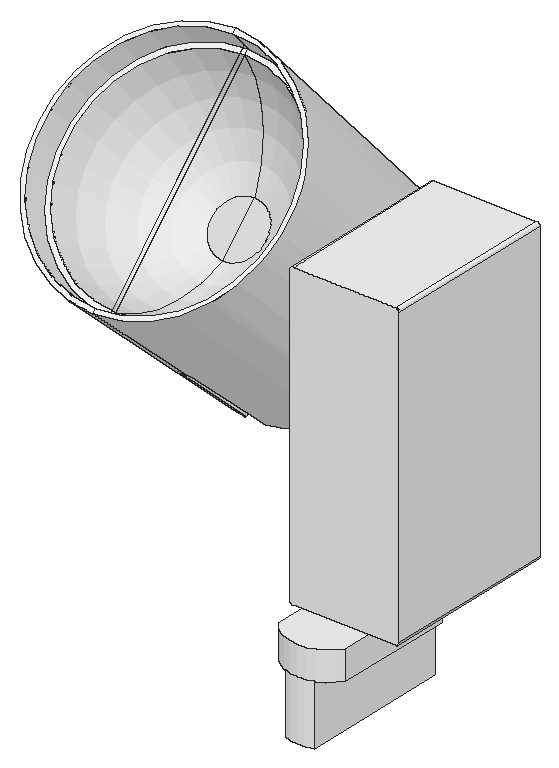
Revit family "0004820 Feilo Sylvania Lighting Fixture START TRACK SPOT L 55W 3K RA80 NB WHITE", category Lighting Fixtures, host Face, Revit 2017 (continued)
Definition of nested family "Start Track Spot Head"
  Types (96, lengths in mm): name | Wattage | built-in parameter 1150134 | Photometric Web File | Model | built-in parameter 1150105 | Lumens | built-in parameter 1150107 | built-in parameter 1150106 | HeadThickness_FEILO | HeadRibOffset_FEILO | HeadRibDepth_FEILO | HeadRibCutWidth_FEILO | HeadRibCutOffset_FEILO | HeadReflectorRadius_FEILO | HeadReflectorOffset_FEILO | HeadLEDRadius_FEILO | HeadHeight_FEILO | HeadDiffusorOffset_FEILO | HeadDiaOut_FEILO | HeadDiaIn_FEILO | HeadAxisFromTop_FEILO | Emit from Circle Diameter | built-in parameter 1150104 | Description | Apparent Load
    0004812 START TRACK SPOT S 14W 3K RA80 MB WHITE | 14 W | (empty or 0) | "0004812.ies" | "START TRACK SPOT S 14W 3K RA80 MB WHITE" | 120.32 (stored number, unit not read) | 1512 lm | 3000 (stored number, unit not read) | 1.2032 (stored number, unit not read) | 1.5 | 4.179 | 55.714 | 7.167 | 50.87 | 50.588 | 55.714 | 9.556 | 117 | 9.435 | 86 | 77.477 | 69.354 | 77.477 | 10.034 (stored number, unit not read) | "Integrated LED spotlight, Textured White - RAL9016, compact and minimalist design, ideal for retail applications, die-cast aluminium body, passive cooling heatsink. Beam angle: 36°, color temperature: 3000K , total system power: 14W, total fixture output: 1508 lm, LOR: 100%, colour rendering: Ra: 80 typical, LED Chromaticity: 3 step MacAdam ellipse, lifetime: >50000 hours at L70B50, energy class: A++, A+, A, IR/UV free light source without heat radiation, operating voltage: 220-240V / 50-60Hz, drive current: 350mA, electronic driver, non-dimmable, power factor: 0.92, electrical protection: Class II, Global Track 3 Phase adapter suitable for Global trac 3-circuit tracks, ingress protection rating: IP20, suitable for internal environment only, horizontal rotation: 355°, vertical tilt: 90°, dimensions: Ø86x140x200, weight: 0.940kg." | 14 VA
    0004811 START TRACK SPOT S 14W 3K RA80 NB WHITE | 14 W | (empty or 0) | "0004811.ies" | "START TRACK SPOT S 14W 3K RA80 NB WHITE" | 123.66 (stored number, unit not read) | 1554 lm | 3000 (stored number, unit not read) | 1.2366 (stored number, unit not read) | 1.5 | 4.179 | 55.714 | 7.167 | 50.87 | 50.588 | 55.714 | 9.556 | 117 | 9.435 | 86 | 77.477 | 69.354 | 77.477 | 10.312 (stored number, unit not read) | "Integrated LED spotlight, Textured White - RAL9016, compact and minimalist design, ideal for retail applications, die-cast aluminium body, passive cooling heatsink. Beam angle: 12°, color temperature: 3000K , total system power: 14W, total fixture output: 1551 lm, LOR: 100%, colour rendering: Ra: 80 typical, LED Chromaticity: 3 step MacAdam ellipse, lifetime: >50000 hours at L70B50, energy class: A++, A+, A, IR/UV free light source without heat radiation, operating voltage: 220-240V / 50-60Hz, drive current: 350mA, electronic driver, non-dimmable, power factor: 0.92, electrical protection: Class II, Global Track 3 Phase adapter suitable for Global trac 3-circuit tracks, ingress protection rating: IP20, suitable for internal environment only, horizontal rotation: 355°, vertical tilt: 90°, dimensions: Ø86x140x200, weight: 0.940kg." | 14 VA
  Reference planes
    plane 1 "Center (Front/Back)": y = 0
    plane 2: z = 0
    plane 3 "Center (Left/Right)": x = 0
    plane 4: x = 43
    plane 5: x = -43
    plane 6: x = -38.739
    plane 7: x = 38.739
    plane 8: z = 69.354
    plane 9: z = -47.646
    plane 10: x = -41.5
    plane 11: x = -37.239
    plane 12: z = -38.211
    plane 13: z = -35.211
    plane 14: z = 8.068
    plane 15: x = -9.556
    plane 16: x = -28.667
    plane 17: x = -19.111
    plane 18: x = -27.167
    plane 19: x = -17.611
    plane 20: x = -8.056
    plane 21: z = 13.64
    plane 22: x = -29.667
    plane 23: x = -26.167
    plane 24: x = -20.111
    plane 25: x = -16.611
    plane 26: x = -10.556
    plane 27: x = -7.056
    plane 28: x = -36.239
    plane 29: x = -40.5
    plane 30: z = 65.175
    plane 31: z = 60.997
    plane 32: z = 56.818
    plane 33: z = 18.484
    plane 34: y = -43
    plane 35: y = 43
    plane 36: y = 3.583
    plane 37: y = -3.583
    plane 38: y = -2.583
    plane 39: y = 2.583
    plane 40: y = 46
    plane 41: z = 13.5
    plane 42: z = -13.5
    plane 43: y = 39
    plane 44: x = 4.708
    plane 45: x = -2.458
    plane 46: x = -1.458
    plane 47: x = 1.458
  Forms (mm)
    Extrusion 1, solid
      sketch origin (4.2, 0, 0) x (1, 0, 0) y (0, 1, 0)
        loop
          line (-1219.2, 1219.2) -> (-1219.2, -1219.2) -> (1219.2, -1219.2) -> (1219.2, 1219.2) -> (-1219.2, 1219.2)
      from 0 to -68.017
    Revolve 2, solid, material <- "Material_1_FEILO", detail levels medium+fine
      sketch origin (0, 0, 0) x (1, 0, 0) y (0, 0, 1)
        loop
          line (-43, -47.646) -> (-41.5, -47.646) -> (-40.5, -35.211) -> (-38.739, -35.211)
          arc (-38.739, -35.211) -> (-30.16, -9.517) -> (-9.556, 8.068) r 50.588
          line (-9.556, 8.068) -> (0, 8.068) -> (0, 13.64) -> (-16.611, 13.64) -> (-17.611, 60.997) -> (-19.111, 60.997) -> (-20.111, 13.64) -> (-36.239, 13.64) -> (-37.239, 69.354) -> (-38.739, 69.354) -> (-43, -47.646)
        axis (0, 69.354) -> (0, -47.646)
      angle from 360 to 0
    Extrusion 3, void
      sketch origin (0, 0, 0) x (0, 1, 0) y (0, 0, 1)
        loop
          line (-3.583, 69.354) -> (-2.583, 18.484) -> (1.932, 18.484) -> (2.932, 69.354) -> (-3.583, 69.354)
      from 43 to -43
    Revolve 4, solid, material <- "Material_2_FEILO", detail levels medium+fine
      sketch origin (0, 0, 0) x (1, 0, 0) y (0, 0, 1)
        loop
          line (-41.5, -38.211) -> (0, -38.211) -> (0, -35.211) -> (-41.5, -35.211) -> (-41.5, -38.211)
        axis (0, -35.211) -> (0, -38.211)
      angle from 360 to 0
    Revolve 5, solid, material <- "Material_1_FEILO"
      sketch origin (0, 0, 0) x (0, 1, 0) y (0, 0, 1)
        loop
          line (46, 0) -> (39, 0) -> (39, -13.5) -> (46, -13.5) -> (46, 0)
        axis (39, 0) -> (46, 0)
      angle from 360 to 0
    Revolve 6, solid, material <- "Material_1_FEILO", detail levels medium+fine
      sketch origin (0, 0, 0) x (1, 0, 0) y (0, 0, 1)
        loop
          line (-29.667, 13.64) -> (-26.167, 13.64) -> (-27.167, 65.175) -> (-28.667, 65.175) -> (-29.667, 13.64)
        loop
          line (-10.556, 13.64) -> (-7.056, 13.64) -> (-7.833, 56.818) -> (-9.778, 56.818) -> (-10.556, 13.64)
        axis (0, 65.175) -> (0, 13.64)
      angle from 360 to 0
    Extrusion 7, void
      sketch origin (0, 0, 0) x (1, 0, 0) y (0, 0, 1)
        loop
          line (4.708, 69.354) -> (-2.458, 69.354) -> (-1.458, 13.64) -> (1.458, 13.64) -> (4.708, 69.354)
      from -43 to 43
    Revolve 8, solid, material <- "Material_1_FEILO", detail levels coarse
      sketch origin (0, 0, 0) x (1, 0, 0) y (0, 0, 1)
        loop
          line (0, 69.354) -> (-38.739, 69.354) -> (-43, -47.646) -> (-41.5, -47.646) -> (-40.731, -38.211) -> (0, -38.211) -> (0, 69.354)
        axis (0, 69.354) -> (0, -47.646)
      angle from 360 to 0
  Cuts and joins
    Extrusion 3 cuts Revolve 2
    Extrusion 7 cuts Revolve 6
  Dimensions and locks
    equal spacing: plane 7, plane 3 "Center (Left/Right)", plane 6
    equal spacing: plane 4, plane 3 "Center (Left/Right)", plane 5
    "HeadDiaOut_FEILO": plane 4 to plane 5
    "HeadDiaIn_FEILO": plane 7 to plane 6
    "HeadHeight_FEILO": plane 8 to plane 9
    "HeadThickness_FEILO": plane 10 to plane 5
    "HeadThickness_FEILO": plane 11 to plane 6
    "HeadDiffusorOffset_FEILO": plane 12 to plane 9
    "HeadDiffusorThickness_FEILO": plane 13 to plane 12
    "HeadReflectorOffset_FEILO": plane 14 to plane 9
    "HeadLEDRadius_FEILO": plane 3 "Center (Left/Right)" to plane 15
    "HeadLEDRadius_FEILO": plane 15 to plane 17
    "HeadLEDRadius_FEILO": plane 17 to plane 16
    "HeadThickness_FEILO": plane 18 to plane 16
    "HeadThickness_FEILO": plane 19 to plane 17
    "HeadThickness_FEILO": plane 20 to plane 15
    "HeadRibDepth_FEILO": plane 8 to plane 21
    "HeadDraft_FEILO": plane 16 to plane 22
    "HeadDraft_FEILO": plane 23 to plane 18
    "HeadDraft_FEILO": plane 17 to plane 24
    "HeadDraft_FEILO": plane 25 to plane 19
    "HeadDraft_FEILO": plane 15 to plane 26
    "HeadDraft_FEILO": plane 27 to plane 20
    "HeadDraft_FEILO": plane 29 to plane 10
    "HeadDraft_FEILO": plane 28 to plane 11
    "HeadRibOffset_FEILO": plane 8 to plane 30
    "HeadRibOffset_FEILO": plane 30 to plane 31
    "HeadRibOffset_FEILO": plane 31 to plane 32
    "HeadAxisFromTop_FEILO": plane 8 to plane 2
    "HeadRibCutOffset_FEILO": plane 8 to plane 33
    equal spacing: plane 34, plane 1 "Center (Front/Back)", plane 35
    "HeadDiaOut_FEILO": plane 34 to plane 35
    equal spacing: plane 38, plane 1 "Center (Front/Back)", plane 39
    equal spacing: plane 37, plane 1 "Center (Front/Back)", plane 36
    "HeadRibCutWidth_FEILO": plane 37 to plane 36
    "HeadDraft_FEILO": plane 37 to plane 38
    locked: plane 35 to plane 40 at 3
    equal spacing: plane 41, plane 2, plane 42
    locked: plane 42 to plane 41 at 27
    locked: plane 43 to plane 35 at 4
    equal spacing: plane 45, imposter light, plane 44
    "HeadDraft_FEILO": plane 46 to plane 45
    "HeadRibCutWidth_FEILO": plane 44 to plane 45
    equal spacing: plane 47, plane 3 "Center (Left/Right)", plane 46
    "HeadReflectorRadius_FEILO": radius of Revolve 2 sketch curve
    aligned and locked: plane 2 to Extrusion 1
    aligned and locked: level to Extrusion 1
    aligned and locked: Revolve 2 sketch curve to plane 3 "Center (Left/Right)"  (x2)
    aligned and locked: plane 9 to Revolve 2 sketch curve  (x2)
    aligned and locked: plane 5 to Revolve 2 sketch curve
    aligned and locked: plane 10 to Revolve 2 sketch curve
    aligned and locked: plane 14 to Revolve 2 sketch curve
    aligned and locked: plane 8 to Revolve 2 sketch curve
    aligned and locked: Revolve 2 sketch curve to plane 13
    aligned and locked: plane 12 to Revolve 4 sketch curve
    aligned and locked: plane 3 "Center (Left/Right)" to Revolve 4 sketch curve
    aligned and locked: Revolve 4 sketch curve to plane 10
    aligned and locked: Revolve 4 sketch curve to plane 3 "Center (Left/Right)"
    aligned and locked: plane 12 to imposter light
    aligned and locked: imposter light to plane 1 "Center (Front/Back)"
    aligned and locked: Revolve 5 sketch curve to plane 2
    aligned and locked: plane 43 to Revolve 5 sketch curve
    aligned and locked: plane 42 to Revolve 5 sketch curve
    aligned and locked: Revolve 6 sketch curve to plane 3 "Center (Left/Right)"
    aligned and locked: plane 22 to Revolve 6 sketch curve
    aligned and locked: plane 30 to Revolve 6 sketch curve
    aligned and locked: plane 23 to Revolve 6 sketch curve
    aligned and locked: Revolve 6 sketch curve to plane 21  (x2)
    aligned and locked: plane 21 to Revolve 6 sketch curve
    aligned and locked: plane 17 to Revolve 2 sketch curve
    aligned and locked: plane 19 to Revolve 2 sketch curve
    aligned and locked: plane 31 to Revolve 2 sketch curve
    aligned and locked: plane 21 to Revolve 2 sketch curve
    aligned and locked: Extrusion 3 to plane 8
    aligned and locked: plane 33 to Extrusion 3
    aligned and locked: plane 8 to Extrusion 3 sketch curve
    aligned and locked: Extrusion 3 sketch curve to plane 33
    aligned and locked: Extrusion 3 to plane 5
    aligned and locked: plane 4 to Extrusion 3
    aligned and locked: plane 32 to Revolve 6 sketch curve
    aligned and locked: plane 44 to Extrusion 7 sketch curve
    aligned and locked: Extrusion 7 sketch curve to plane 8
    aligned and locked: plane 46 to Extrusion 7 sketch curve
    aligned and locked: plane 21 to Extrusion 7 sketch curve
    aligned and locked: plane 34 to Extrusion 7
    aligned and locked: Extrusion 7 to plane 35
    aligned and locked: Revolve 4 sketch curve to plane 13
    aligned and locked: Revolve 5 sketch curve to plane 40
    aligned and locked: Revolve 8 sketch curve to plane 3 "Center (Left/Right)"
    aligned and locked: Revolve 8 sketch curve to cut or joined group of Revolve 2, Extrusion 3  (x3)
    aligned and locked: plane 5 to Revolve 8 sketch curve
    aligned and locked: plane 3 "Center (Left/Right)" to Revolve 8 sketch curve
    aligned and locked: plane 12 to Revolve 8 sketch curve
  Automatic sketch dimensions
    Extrusion 1 sketch curve to Extrusion 1 sketch curve = 2438.4 mm  (x2)
    Extrusion 3 sketch curve to plane 37 = 0 mm
    Extrusion 3 sketch curve to plane 38 = 0 mm
    plane 39 to Extrusion 3 sketch curve = 0.651 mm
    Extrusion 3 sketch curve to plane 39 = 0.349 mm
    Revolve 6 sketch curve to plane 16 = 0 mm
    Revolve 6 sketch curve to plane 18 = 0 mm
    Revolve 6 sketch curve to plane 26 = 0 mm
    Revolve 6 sketch curve to plane 27 = 0 mm
    Revolve 6 sketch curve to plane 15 = 0.222 mm
    plane 9 to Revolve 6 sketch curve = 559.103 mm
    Revolve 6 sketch curve to plane 8 = 2535.555 mm
    plane 20 to Revolve 6 sketch curve = 0.222 mm
    Revolve 2 sketch curve to plane 29 = 0 mm
    Revolve 2 sketch curve to plane 6 = 0 mm  (x2)
    Revolve 2 sketch curve to plane 11 = 0 mm
    Revolve 2 sketch curve to plane 21 = 0 mm
    Revolve 2 sketch curve to plane 28 = 0 mm
    Revolve 2 sketch curve to plane 24 = 0 mm
    Revolve 2 sketch curve to plane 25 = 0 mm
    Revolve 2 sketch curve to plane 15 = 0 mm
    Revolve 2 sketch curve to Revolve 2 sketch curve = 557.155 mm
    Revolve 2 sketch curve to plane 8 = 2535.558 mm
    Extrusion 7 sketch curve to plane 45 = 0 mm
    Extrusion 7 sketch curve to plane 47 = 0 mm
    plane 9 to Revolve 4 sketch curve = 559.103 mm
    Revolve 4 sketch curve to plane 8 = 2535.555 mm
    Revolve 5 sketch curve to level = 0 mm
    plane 34 to Revolve 5 sketch curve = 1968.092 mm
    Revolve 5 sketch curve to plane 40 = 1405.763 mm
    Revolve 8 sketch curve to plane 6 = 0 mm
    Revolve 8 sketch curve to plane 29 = 0.231 mm
    plane 9 to Revolve 8 sketch curve = 559.103 mm
    Revolve 8 sketch curve to Revolve 8 sketch curve = 2535.555 mm
Definition of nested family "Start Track Spot Box"
  Parameters (values of type "Type Large White")
    URL = "http://www.feilosylvania.com"
    Type Image = (empty or 0)
    Type Comments = "n/a"
    Small_FEILO = no
    Material_3_FEILO = none
    Model = ""
    Manufacturer = "Feilo Sylvania"
    Keynote = ""
    Material_2_FEILO = none
    Description = ""
    Default Elevation = 1219.2 mm
    Cost = 0
    Material_1_FEILO = none
    BoxWidth_FEILO = 49 mm
    BoxStartAngle_FEILO [instance] = 0.00°
    BoxRadius_FEILO = 1.5 mm
    BoxHeight_FEILO = if(Small_FEILO, 112 mm, 136 mm)  # 136 mm
    BoxEndAngle_FEILO [instance] = BoxStartAngle_FEILO - 180.00°  # -180.00°
    BoxDepth_FEILO = if(Small_FEILO, 71.5 mm, 79 mm)  # 79 mm
    BoxAxisVerticalOffset_FEILO = 16 mm
    BoxAxisOffset_FEILO = BoxHeight_FEILO / 6.8  # 20 mm
    Assembly Code = ""
    Material_4_FEILO = none
  Types (4, lengths in mm): name | Small_FEILO | BoxHeight_FEILO | BoxDepth_FEILO | BoxAxisOffset_FEILO
    Type Large White | no | 136 | 79 | 20
    Type Small White | yes | 112 | 71.5 | 16.471
    Type Small Black | yes | 112 | 71.5 | 16.471
    Type Large Black | no | 136 | 79 | 20
  Reference planes
    plane 1 "Center (Front/Back)": y = 0
    plane 2: z = 0
    plane 3 "Center (Left/Right)": x = 0
    plane 4: x = 24.5
    plane 5: x = -24.5
    plane 6: y = 68
    plane 7: y = -68
    plane 8: z = 39.5
    plane 9: z = -39.5
    plane 10: y = -48
    plane 11: x = 30.5
    plane 12: x = 8.5
    plane 13: x = 21.5
    plane 14: y = 70
    plane 15: y = 72
    plane 16: x = 19.5
  Forms (mm)
    Extrusion 1, solid
      sketch origin (4.2, 0, 0) x (1, 0, 0) y (0, 1, 0)
        loop
          line (-1219.2, 1219.2) -> (-1219.2, -1219.2) -> (1219.2, -1219.2) -> (1219.2, 1219.2) -> (-1219.2, 1219.2)
      from 0 to -68.017
    Extrusion 2, solid, material <- "Material_1_FEILO"
      sketch origin (0, 0, 0) x (1, 0, 0) y (0, 1, 0)
        loop
          arc (-23, 68) -> (-24.061, 67.561) -> (-24.5, 66.5) r 1.5
          line (-24.5, 66.5) -> (-24.5, -66.5)
          arc (-24.5, -66.5) -> (-24.061, -67.561) -> (-23, -68) r 1.5
          line (-23, -68) -> (23, -68)
          arc (23, -68) -> (24.061, -67.561) -> (24.5, -66.5) r 1.5
          line (24.5, -66.5) -> (24.5, 66.5)
          arc (24.5, 66.5) -> (24.061, 67.561) -> (23, 68) r 1.5
          line (23, 68) -> (-23, 68)
      from -39.5 to 39.5
    Revolve 3, solid, not visible
      sketch origin (0, 0, 0) x (1, 0, 0) y (0, 1, 0)
        loop
          line (30.5, -48) -> (24.5, -48) -> (24.5, -68) -> (30.5, -68) -> (30.5, -48)
        axis (30.5, -48) -> (24.5, -48)
      angle from 0 <- "BoxStartAngle_FEILO" to -180 <- "BoxEndAngle_FEILO"
    Revolve 4, solid, material <- "Material_2_FEILO"
      sketch origin (0, 0, 0) x (1, 0, 0) y (0, 1, 0)
        loop
          line (8.5, 68) -> (19.5, 68) -> (19.5, 70) -> (21.5, 70) -> (21.5, 72) -> (8.5, 72) -> (8.5, 68)
        axis (8.5, 72) -> (8.5, 68)
      angle from 360 to 0
  Dimensions and locks
    equal spacing: plane 5, plane 3 "Center (Left/Right)", plane 4
    "BoxWidth_FEILO": plane 5 to plane 4
    equal spacing: plane 7, plane 1 "Center (Front/Back)", plane 6
    "BoxHeight_FEILO": plane 7 to plane 6
    equal spacing: plane 8, plane 2, plane 9
    "BoxDepth_FEILO": plane 8 to plane 9
    "BoxAxisOffset_FEILO": plane 7 to plane 10
    locked: plane 4 to plane 11 at 6
    "BoxAxisVerticalOffset_FEILO": plane 12 to plane 4
    locked: plane 12 to plane 13 at 13
    plane 6 to plane 14 to plane 15 = 2 mm locked, 2 mm locked
    locked: plane 12 to plane 16 at 11
    "BoxRadius_FEILO": radius of Extrusion 2 sketch curve  (x4)
    aligned and locked: plane 2 to Extrusion 1
    aligned and locked: level to Extrusion 1
    aligned and locked: plane 6 to Extrusion 2 sketch curve
    aligned and locked: plane 5 to Extrusion 2 sketch curve
    aligned and locked: Extrusion 2 sketch curve to plane 7
    aligned and locked: Extrusion 2 sketch curve to plane 4
    aligned and locked: Extrusion 2 to plane 8
    aligned and locked: plane 9 to Extrusion 2
    aligned and locked: Revolve 3 sketch curve to plane 10  (x2)
    aligned and locked: plane 11 to Revolve 3 sketch curve
    aligned and locked: Revolve 3 sketch curve to plane 4
    aligned and locked: plane 7 to Revolve 3 sketch curve
    aligned and locked: Revolve 4 sketch curve to plane 12
    aligned and locked: plane 6 to Revolve 4 sketch curve
    aligned and locked: plane 12 to Revolve 4 sketch curve
    aligned and locked: plane 15 to Revolve 4 sketch curve
    aligned and locked: Revolve 4 sketch curve to plane 13
    aligned and locked: Revolve 4 sketch curve to plane 14
    aligned and locked: Revolve 4 sketch curve to plane 16
    aligned and locked: Revolve 4 sketch curve to plane 6
  Automatic sketch dimensions
    Extrusion 1 sketch curve to Extrusion 1 sketch curve = 2438.4 mm  (x2)
    Revolve 3 sketch curve to plane 5 = 1499.5 mm
    plane 11 to Revolve 3 sketch curve = 1493.5 mm
    plane 15 to Revolve 4 sketch curve = 0 mm
    plane 7 to Revolve 4 sketch curve = 1456 mm
    Revolve 4 sketch curve to plane 15 = 1452 mm
